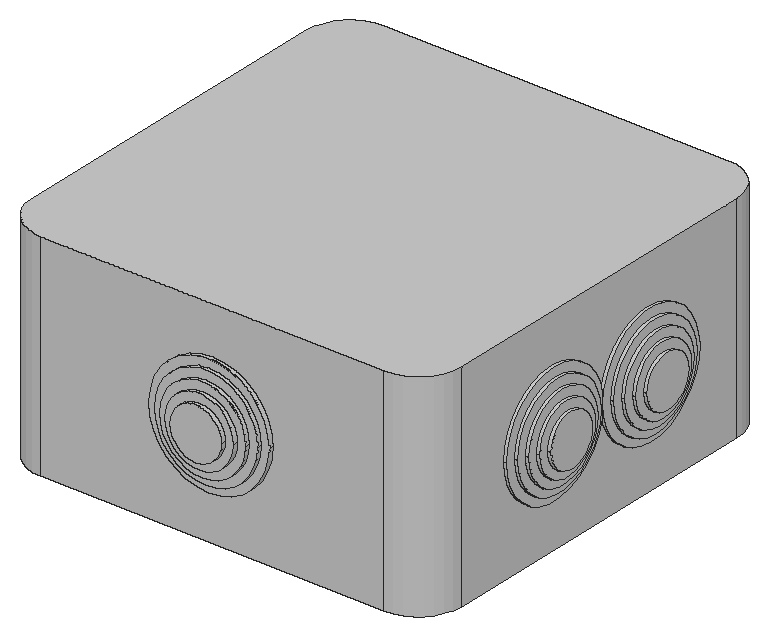
Revit family "FA_КоробкаУравниванияПотенциалов_EZETEK", category Системы пожарной сигнализации, Revit 2017
Family settings
  Сохранять ориентацию аннотаций = Нет
  Размер круглого соединителя = Использовать радиус
  Тип детали = Нормальный
  На основе рабочей плоскости = Нет
  Всегда вертикально = Да
  При загрузке вырезать с полостями = Нет
  Общий = Да
  Точка расчета площади = Нет
Parameters (values of type "КоробкаУравниванияПотенциалов_100х100х50_44458")
  Ширина = 100 mm
  Угол = 90.00°  # constant formula
  Производитель_Контакты = "ezetek@ezetek.ru"  # constant formula
  Description = "Коробка уравнивания потенциалов предназначена для организации дополнительной системы уравнивания потенциалов в квартирах, домах, офисах и производственных помещениях — коробка объединяет защитные проводники электрического оборудования и подключается к ГЗШ. Коробка уравнивания потенциалов выполнена из пластика в герметичном исполнении со степенью защиты IP 55.\r"  # constant formula
  Использовать масштаб аннотаций [instance] = 1 = 0  # 0
  Изготовитель = "Ezetek"  # constant formula
  Группа модели = "Коробки и шины уравнивания потенциалов"  # constant formula
  Высота = 50 mm
  URL = "https://ezetek.ru/"
  ADSK_Этаж [instance] = ""
  ADSK_Примечание [instance] = ""
  ADSK_Позиция [instance] = ""
  ADSK_Обозначение = "44457"
  ADSK_Наименование краткое [instance] = "Коробка уравнивания потенциалов"
  ADSK_Наименование = "Коробка уравнивания потенциалов 13 подключений 100х100х50 мм"
  ADSK_Материал = BIMLIB_Пластик_Серый_EZETEK
  ADSK_Масса_Текст = "0.14"
  ADSK_Масса = 0.14
  ADSK_Марка = "44458"
  ADSK_Количество = 1  # constant formula
  ADSK_Код изделия = "44458"
  ADSK_Завод-изготовитель = "Ezetek"  # constant formula
  ADSK_Единица измерения = "шт."  # constant formula
  ADSK_Группирование [instance] = ""
  ADSK_Версия Revit = "2017"  # constant formula
Types (2, lengths in mm): name | Ширина | Высота | ADSK_Наименование | ADSK_Масса_Текст | ADSK_Масса | ADSK_Марка | ADSK_Код изделия
  КоробкаУравниванияПотенциалов_85х85х40_44457 | 85.099 | 40 | "Коробка уравнивания потенциалов 7 подключений 85х85х40 мм" | "0.10" | 0.1 | "44457" | "44457"
  КоробкаУравниванияПотенциалов_100х100х50_44458 | 100 | 50 | "Коробка уравнивания потенциалов 13 подключений 100х100х50 мм" | "0.14" | 0.14 | "44458" | "44458"
Reference planes
  plane 1 "По центру (Вперед/Назад)": y = 0
  plane 2: z = 0
  plane 3 "По центру (Влево/Вправо)": x = 0
  plane 4: x = -50
  plane 5: x = 50
  plane 6: y = 50
  plane 7: y = -50
  plane 8: z = 50
  plane 9: x = -54.8
  plane 10: x = 54.8
  plane 11: y = 54.8
  plane 12: y = -54.8
  plane 13: z = 25
Forms (mm)
  Extrusion 1, solid, material "BIMLIB_Пластик_Серый_EZETEK" <- "ADSK_Материал", detail levels fine
    sketch origin (0, 0, 0) x (1, 0, 0) y (0, 1, 0)
      loop
        arc (-40, 50) -> (-47.071, 47.071) -> (-50, 40) r 10
        line (-50, 40) -> (-50, -40)
        arc (-50, -40) -> (-47.071, -47.071) -> (-40, -50) r 10
        line (-40, -50) -> (40, -50)
        arc (40, -50) -> (47.071, -47.071) -> (50, -40) r 10
        line (50, -40) -> (50, 40)
        arc (50, 40) -> (47.071, 47.071) -> (40, 50) r 10
        line (40, 50) -> (-40, 50)
    from 50 to 0
  Extrusion 2, solid, material "BIMLIB_Пластик_Серый_EZETEK" <- "ADSK_Материал", detail levels fine
    sketch origin (-7.33, 14, -5) x (0, -1, 0) y (0, 0, -1)
      loop
        circle (0, -30) r 14
    from 57.33 to 58.29
  Extrusion 3, solid, material "BIMLIB_Пластик_Серый_EZETEK" <- "ADSK_Материал", detail levels fine
    sketch origin (0.96, 14, -5) x (0, -1, 0) y (0, 0, -1)
      loop
        circle (0, -30) r 12
    from 50.96 to 50
  Extrusion 4, solid, material "BIMLIB_Пластик_Серый_EZETEK" <- "ADSK_Материал", detail levels fine
    sketch origin (1.96, 14, -5) x (0, -1, 0) y (0, 0, -1)
      loop
        circle (0, -30) r 10
    from 50.92 to 49.96
  Extrusion 5, solid, material "BIMLIB_Пластик_Серый_EZETEK" <- "ADSK_Материал", detail levels fine
    sketch origin (2.96, 14, -5) x (0, -1, 0) y (0, 0, -1)
      loop
        circle (0, -30) r 8
    from 50.88 to 49.92
  Extrusion 6, solid, material "BIMLIB_Пластик_Серый_EZETEK" <- "ADSK_Материал", detail levels fine
    sketch origin (-3.33, 14, -5) x (0, -1, 0) y (0, 0, -1)
      loop
        circle (0, -30) r 6
    from 58.13 to 57.17
  Extrusion 7, solid, material "BIMLIB_Пластик_Серый_EZETEK" <- "ADSK_Материал", detail levels fine
    sketch origin (-7.33, -14, -5) x (0, 1, 0) y (0, 0, 1)
      loop
        circle (0, 30) r 14
    from 57.33 to 58.29
  Extrusion 8, solid, material "BIMLIB_Пластик_Серый_EZETEK" <- "ADSK_Материал", detail levels fine
    sketch origin (0.96, -14, -5) x (0, 1, 0) y (0, 0, 1)
      loop
        circle (0, 30) r 12
    from 50.96 to 50
  Extrusion 9, solid, material "BIMLIB_Пластик_Серый_EZETEK" <- "ADSK_Материал", detail levels fine
    sketch origin (1.96, -14, -5) x (0, 1, 0) y (0, 0, 1)
      loop
        circle (0, 30) r 10
    from 50.92 to 49.96
  Extrusion 10, solid, material "BIMLIB_Пластик_Серый_EZETEK" <- "ADSK_Материал", detail levels fine
    sketch origin (2.96, -14, -5) x (0, 1, 0) y (0, 0, 1)
      loop
        circle (0, 30) r 8
    from 50.88 to 49.92
  Extrusion 11, solid, material "BIMLIB_Пластик_Серый_EZETEK" <- "ADSK_Материал", detail levels fine
    sketch origin (-3.33, -14, -5) x (0, 1, 0) y (0, 0, 1)
      loop
        circle (0, 30) r 6
    from 57.17 to 58.13
  Extrusion 12, solid, material "BIMLIB_Пластик_Серый_EZETEK" <- "ADSK_Материал", detail levels fine
    sketch origin (7.33, 14, -5) x (0, -1, 0) y (0, 0, 1)
      loop
        circle (0, 30) r 14
    from 57.33 to 58.29
  Extrusion 13, solid, material "BIMLIB_Пластик_Серый_EZETEK" <- "ADSK_Материал", detail levels fine
    sketch origin (-0.96, 14, -5) x (0, -1, 0) y (0, 0, 1)
      loop
        circle (0, 30) r 12
    from 50.96 to 50
  Extrusion 14, solid, material "BIMLIB_Пластик_Серый_EZETEK" <- "ADSK_Материал", detail levels fine
    sketch origin (-1.96, 14, -5) x (0, -1, 0) y (0, 0, 1)
      loop
        circle (0, 30) r 10
    from 50.92 to 49.96
  Extrusion 15, solid, material "BIMLIB_Пластик_Серый_EZETEK" <- "ADSK_Материал", detail levels fine
    sketch origin (-2.96, 14, -5) x (0, -1, 0) y (0, 0, 1)
      loop
        circle (0, 30) r 8
    from 50.88 to 49.92
  Extrusion 16, solid, material "BIMLIB_Пластик_Серый_EZETEK" <- "ADSK_Материал", detail levels fine
    sketch origin (3.33, 14, -5) x (0, -1, 0) y (0, 0, 1)
      loop
        circle (0, 30) r 6
    from 58.13 to 57.17
  Extrusion 17, solid, material "BIMLIB_Пластик_Серый_EZETEK" <- "ADSK_Материал", detail levels fine
    sketch origin (7.33, -14, -5) x (0, 1, 0) y (0, 0, -1)
      loop
        circle (0, -30) r 14
    from 57.33 to 58.29
  Extrusion 18, solid, material "BIMLIB_Пластик_Серый_EZETEK" <- "ADSK_Материал", detail levels fine
    sketch origin (-0.96, -14, -5) x (0, 1, 0) y (0, 0, -1)
      loop
        circle (0, -30) r 12
    from 50.96 to 50
  Extrusion 19, solid, material "BIMLIB_Пластик_Серый_EZETEK" <- "ADSK_Материал", detail levels fine
    sketch origin (-1.96, -14, -5) x (0, 1, 0) y (0, 0, -1)
      loop
        circle (0, -30) r 10
    from 50.92 to 49.96
  Extrusion 20, solid, material "BIMLIB_Пластик_Серый_EZETEK" <- "ADSK_Материал", detail levels fine
    sketch origin (-2.96, -14, -5) x (0, 1, 0) y (0, 0, -1)
      loop
        circle (0, -30) r 8
    from 50.88 to 49.92
  Extrusion 21, solid, material "BIMLIB_Пластик_Серый_EZETEK" <- "ADSK_Материал", detail levels fine
    sketch origin (3.33, -14, -5) x (0, 1, 0) y (0, 0, -1)
      loop
        circle (0, -30) r 6
    from 58.13 to 57.17
  Extrusion 22, solid, material "BIMLIB_Пластик_Серый_EZETEK" <- "ADSK_Материал", detail levels fine
    sketch origin (0, 7.33, -5) x (-1, 0, 0) y (0, 0, -1)
      loop
        circle (0, -30) r 14
    from 57.33 to 58.29
  Extrusion 23, solid, material "BIMLIB_Пластик_Серый_EZETEK" <- "ADSK_Материал", detail levels fine
    sketch origin (0, -0.96, -5) x (-1, 0, 0) y (0, 0, -1)
      loop
        circle (0, -30) r 12
    from 50.96 to 50
  Extrusion 24, solid, material "BIMLIB_Пластик_Серый_EZETEK" <- "ADSK_Материал", detail levels fine
    sketch origin (0, -1.96, -5) x (-1, 0, 0) y (0, 0, -1)
      loop
        circle (0, -30) r 10
    from 50.92 to 49.96
  Extrusion 25, solid, material "BIMLIB_Пластик_Серый_EZETEK" <- "ADSK_Материал", detail levels fine
    sketch origin (0, -2.96, -5) x (-1, 0, 0) y (0, 0, -1)
      loop
        circle (0, -30) r 8
    from 50.88 to 49.92
  Extrusion 26, solid, material "BIMLIB_Пластик_Серый_EZETEK" <- "ADSK_Материал", detail levels fine
    sketch origin (0, 3.33, -5) x (-1, 0, 0) y (0, 0, -1)
      loop
        circle (0, -30) r 6
    from 58.13 to 57.17
  Extrusion 27, solid, material "BIMLIB_Пластик_Серый_EZETEK" <- "ADSK_Материал", detail levels fine
    sketch origin (0, -7.33, -5) x (-1, 0, 0) y (0, 0, 1)
      loop
        circle (0, 30) r 14
    from 57.33 to 58.29
  Extrusion 28, solid, material "BIMLIB_Пластик_Серый_EZETEK" <- "ADSK_Материал", detail levels fine
    sketch origin (0, 0.96, -5) x (-1, 0, 0) y (0, 0, 1)
      loop
        circle (0, 30) r 12
    from 50.96 to 50
  Extrusion 29, solid, material "BIMLIB_Пластик_Серый_EZETEK" <- "ADSK_Материал", detail levels fine
    sketch origin (0, 1.96, -5) x (-1, 0, 0) y (0, 0, 1)
      loop
        circle (0, 30) r 10
    from 50.92 to 49.96
  Extrusion 30, solid, material "BIMLIB_Пластик_Серый_EZETEK" <- "ADSK_Материал", detail levels fine
    sketch origin (0, 2.96, -5) x (-1, 0, 0) y (0, 0, 1)
      loop
        circle (0, 30) r 8
    from 50.88 to 49.92
  Extrusion 31, solid, material "BIMLIB_Пластик_Серый_EZETEK" <- "ADSK_Материал", detail levels fine
    sketch origin (0, -3.33, -5) x (-1, 0, 0) y (0, 0, 1)
      loop
        circle (0, 30) r 6
    from 57.17 to 58.13
Dimensions and locks
  equal spacing: plane 4, plane 3 "По центру (Влево/Вправо)", plane 5
  "Ширина": plane 4 to plane 5
  equal spacing: plane 6, plane 1 "По центру (Вперед/Назад)", plane 7
  "Ширина": plane 6 to plane 7
  "Высота": plane 8 to plane 2
  locked: plane 9 to plane 4 at 4.8
  locked: plane 5 to plane 10 at 4.8
  locked: plane 11 to plane 6 at 4.8
  locked: plane 12 to plane 7 at 4.8
  plane 9 to plane 10 = 109.6 mm
  plane 11 to plane 12 = 109.6 mm
  equal spacing: plane 8, plane 13, plane 2
  plane 5 to plane 10 = 4.8 mm
  plane 9 to plane 4 = 4.8 mm
  equal spacing: plane 5, Extrusion 2, Extrusion 3, Extrusion 4, Extrusion 5, plane 10
  equal spacing: plane 9, Extrusion 15, Extrusion 14, Extrusion 13, Extrusion 12, plane 4
  equal spacing: plane 12, Extrusion 25, Extrusion 24, Extrusion 23, Extrusion 22, plane 7
  equal spacing: plane 11, Extrusion 30, Extrusion 29, Extrusion 28, Extrusion 27, plane 6
  aligned and locked: level to plane 2
  aligned and locked: Extrusion 1 sketch curve to plane 6
  aligned and locked: plane 4 to Extrusion 1 sketch curve
  aligned and locked: Extrusion 1 sketch curve to plane 7
  aligned and locked: plane 5 to Extrusion 1 sketch curve
  aligned and locked: Extrusion 1 to plane 8
  aligned and locked: Extrusion 1 to plane 2
  aligned and locked: Extrusion 1 to plane 5
  aligned and locked: Extrusion 5 to Extrusion 6
  aligned and locked: Extrusion 4 to Extrusion 5
  aligned and locked: Extrusion 3 to Extrusion 4
  aligned and locked: Extrusion 2 to Extrusion 3
  aligned and locked: plane 13 to Extrusion 2
  aligned and locked: plane 13 to Extrusion 3
  aligned and locked: plane 13 to Extrusion 4
  aligned and locked: plane 13 to Extrusion 5
  aligned and locked: plane 13 to Extrusion 6
  aligned and locked: plane 5 to Extrusion 2
  aligned and locked: Extrusion 6 to plane 10
  aligned and locked: Extrusion 10 to Extrusion 9
  aligned and locked: Extrusion 9 to Extrusion 8
  aligned and locked: Extrusion 8 to Extrusion 7
  aligned and locked: plane 13 to Extrusion 7
  aligned and locked: plane 13 to Extrusion 8
  aligned and locked: plane 13 to Extrusion 9
  aligned and locked: plane 13 to Extrusion 10
  aligned and locked: plane 13 to Extrusion 11
  aligned and locked: Extrusion 10 to Extrusion 5
  aligned and locked: Extrusion 9 to Extrusion 4
  aligned and locked: Extrusion 8 to Extrusion 3
  aligned and locked: Extrusion 7 to Extrusion 2
  aligned and locked: Extrusion 16 to Extrusion 15
  aligned and locked: Extrusion 15 to Extrusion 14
  aligned and locked: Extrusion 14 to Extrusion 13
  aligned and locked: Extrusion 13 to Extrusion 12
  aligned and locked: Extrusion 20 to Extrusion 21
  aligned and locked: Extrusion 19 to Extrusion 20
  aligned and locked: Extrusion 18 to Extrusion 19
  aligned and locked: Extrusion 17 to Extrusion 18
  aligned and locked: Extrusion 20 to Extrusion 15  (x2)
  aligned and locked: Extrusion 19 to Extrusion 14  (x2)
  aligned and locked: Extrusion 18 to Extrusion 13
  aligned and locked: Extrusion 17 to Extrusion 12
  aligned and locked: plane 4 to Extrusion 12
  aligned and locked: Extrusion 16 to plane 9
  aligned and locked: Extrusion 17 to Extrusion 13
  aligned and locked: Extrusion 19 to Extrusion 13
  aligned and locked: plane 9 to Extrusion 16
  aligned and locked: Extrusion 21 to plane 9
  aligned and locked: plane 13 to Extrusion 17  (x2)
  aligned and locked: plane 13 to Extrusion 18  (x2)
  aligned and locked: plane 13 to Extrusion 19  (x2)
  aligned and locked: plane 13 to Extrusion 20  (x2)
  aligned and locked: plane 13 to Extrusion 21  (x2)
  aligned and locked: plane 13 to Extrusion 12  (x2)
  aligned and locked: plane 13 to Extrusion 13  (x2)
  aligned and locked: plane 13 to Extrusion 14  (x2)
  aligned and locked: plane 13 to Extrusion 15  (x2)
  aligned and locked: plane 13 to Extrusion 16  (x2)
  aligned and locked: Extrusion 26 to Extrusion 25
  aligned and locked: Extrusion 25 to Extrusion 24
  aligned and locked: Extrusion 24 to Extrusion 23
  aligned and locked: Extrusion 23 to Extrusion 22
  aligned and locked: Extrusion 22 to plane 7
  aligned and locked: plane 12 to Extrusion 26
  aligned and locked: plane 13 to Extrusion 22  (x2)
  aligned and locked: plane 13 to Extrusion 23  (x2)
  aligned and locked: plane 13 to Extrusion 24  (x2)
  aligned and locked: plane 13 to Extrusion 25  (x2)
  aligned and locked: plane 13 to Extrusion 26  (x2)
  aligned and locked: Extrusion 29 to Extrusion 30
  aligned and locked: Extrusion 28 to Extrusion 29
  aligned and locked: Extrusion 27 to Extrusion 28
  aligned and locked: plane 13 to Extrusion 27
  aligned and locked: plane 13 to Extrusion 28
  aligned and locked: plane 13 to Extrusion 29
  aligned and locked: plane 13 to Extrusion 30
  aligned and locked: plane 13 to Extrusion 31
  aligned and locked: Extrusion 5 to Extrusion 11
  aligned and locked: Extrusion 11 to plane 10
  aligned and locked: plane 5 to Extrusion 7
  aligned and locked: plane 4 to Extrusion 17
  aligned and locked: Extrusion 27 to plane 6
  aligned and locked: plane 11 to Extrusion 31
  aligned and locked: Extrusion 31 to Extrusion 30
Automatic sketch dimensions
  plane 4 to Extrusion 1 sketch curve = 10 mm
  Extrusion 1 sketch curve to Extrusion 1 sketch curve = 10 mm  (x2)
  plane 5 to Extrusion 1 sketch curve = 10 mm
  plane 13 to Extrusion 2 sketch curve = 0 mm
  Extrusion 2 sketch curve to plane 1 "По центру (Вперед/Назад)" = 14 mm
  plane 13 to Extrusion 3 sketch curve = 0 mm
  Extrusion 3 sketch curve to plane 1 "По центру (Вперед/Назад)" = 14 mm
  plane 13 to Extrusion 4 sketch curve = 0 mm
  Extrusion 4 sketch curve to plane 1 "По центру (Вперед/Назад)" = 14 mm
  plane 13 to Extrusion 5 sketch curve = 0 mm
  Extrusion 5 sketch curve to plane 1 "По центру (Вперед/Назад)" = 14 mm
  plane 13 to Extrusion 6 sketch curve = 0 mm
  Extrusion 6 sketch curve to plane 1 "По центру (Вперед/Назад)" = 14 mm
  plane 13 to Extrusion 7 sketch curve = 0 mm
  plane 1 "По центру (Вперед/Назад)" to Extrusion 7 sketch curve = 14 mm
  plane 13 to Extrusion 8 sketch curve = 0 mm
  plane 1 "По центру (Вперед/Назад)" to Extrusion 8 sketch curve = 14 mm
  plane 13 to Extrusion 9 sketch curve = 0 mm
  plane 1 "По центру (Вперед/Назад)" to Extrusion 9 sketch curve = 14 mm
  plane 13 to Extrusion 10 sketch curve = 0 mm
  plane 1 "По центру (Вперед/Назад)" to Extrusion 10 sketch curve = 14 mm
  plane 13 to Extrusion 11 sketch curve = 0 mm
  plane 1 "По центру (Вперед/Назад)" to Extrusion 11 sketch curve = 14 mm
  plane 13 to Extrusion 12 sketch curve = 0 mm
  Extrusion 12 sketch curve to plane 1 "По центру (Вперед/Назад)" = 14 mm
  plane 13 to Extrusion 13 sketch curve = 0 mm
  Extrusion 13 sketch curve to plane 1 "По центру (Вперед/Назад)" = 14 mm
  plane 13 to Extrusion 14 sketch curve = 0 mm
  Extrusion 14 sketch curve to plane 1 "По центру (Вперед/Назад)" = 14 mm
  plane 13 to Extrusion 15 sketch curve = 0 mm
  Extrusion 15 sketch curve to plane 1 "По центру (Вперед/Назад)" = 14 mm
  plane 13 to Extrusion 16 sketch curve = 0 mm
  Extrusion 16 sketch curve to plane 1 "По центру (Вперед/Назад)" = 14 mm
  plane 13 to Extrusion 17 sketch curve = 0 mm
  plane 1 "По центру (Вперед/Назад)" to Extrusion 17 sketch curve = 14 mm
  plane 13 to Extrusion 18 sketch curve = 0 mm
  plane 1 "По центру (Вперед/Назад)" to Extrusion 18 sketch curve = 14 mm
  plane 13 to Extrusion 19 sketch curve = 0 mm
  plane 1 "По центру (Вперед/Назад)" to Extrusion 19 sketch curve = 14 mm
  plane 13 to Extrusion 20 sketch curve = 0 mm
  plane 1 "По центру (Вперед/Назад)" to Extrusion 20 sketch curve = 14 mm
  plane 13 to Extrusion 21 sketch curve = 0 mm
  plane 1 "По центру (Вперед/Назад)" to Extrusion 21 sketch curve = 14 mm
  Extrusion 22 sketch curve to plane 3 "По центру (Влево/Вправо)" = 0 mm
  Extrusion 22 sketch curve to plane 13 = 0 mm
  Extrusion 23 sketch curve to plane 3 "По центру (Влево/Вправо)" = 0 mm
  Extrusion 23 sketch curve to plane 13 = 0 mm
  Extrusion 24 sketch curve to plane 3 "По центру (Влево/Вправо)" = 0 mm
  Extrusion 24 sketch curve to plane 13 = 0 mm
  Extrusion 25 sketch curve to plane 3 "По центру (Влево/Вправо)" = 0 mm
  Extrusion 25 sketch curve to plane 13 = 0 mm
  Extrusion 26 sketch curve to plane 3 "По центру (Влево/Вправо)" = 0 mm
  Extrusion 26 sketch curve to plane 13 = 0 mm
  Extrusion 27 sketch curve to plane 3 "По центру (Влево/Вправо)" = 0 mm
  Extrusion 27 sketch curve to plane 13 = 0 mm
  Extrusion 28 sketch curve to plane 3 "По центру (Влево/Вправо)" = 0 mm
  Extrusion 28 sketch curve to plane 13 = 0 mm
  Extrusion 29 sketch curve to plane 3 "По центру (Влево/Вправо)" = 0 mm
  Extrusion 29 sketch curve to plane 13 = 0 mm
  Extrusion 30 sketch curve to plane 3 "По центру (Влево/Вправо)" = 0 mm
  Extrusion 30 sketch curve to plane 13 = 0 mm
  Extrusion 31 sketch curve to plane 3 "По центру (Влево/Вправо)" = 0 mm
  Extrusion 31 sketch curve to plane 13 = 0 mm
  radius of Extrusion 2 sketch curve = 14 mm
  radius of Extrusion 3 sketch curve = 12 mm
  radius of Extrusion 4 sketch curve = 10 mm
  radius of Extrusion 5 sketch curve = 8 mm
  radius of Extrusion 6 sketch curve = 6 mm
  radius of Extrusion 7 sketch curve = 14 mm
  radius of Extrusion 8 sketch curve = 12 mm
  radius of Extrusion 9 sketch curve = 10 mm
  radius of Extrusion 10 sketch curve = 8 mm
  radius of Extrusion 11 sketch curve = 6 mm
  radius of Extrusion 12 sketch curve = 14 mm
  radius of Extrusion 13 sketch curve = 12 mm
  radius of Extrusion 14 sketch curve = 10 mm
  radius of Extrusion 15 sketch curve = 8 mm
  radius of Extrusion 16 sketch curve = 6 mm
  radius of Extrusion 17 sketch curve = 14 mm
  radius of Extrusion 18 sketch curve = 12 mm
  radius of Extrusion 19 sketch curve = 10 mm
  radius of Extrusion 20 sketch curve = 8 mm
  radius of Extrusion 21 sketch curve = 6 mm
  radius of Extrusion 22 sketch curve = 14 mm
  radius of Extrusion 23 sketch curve = 12 mm
  radius of Extrusion 24 sketch curve = 10 mm
  radius of Extrusion 25 sketch curve = 8 mm
  radius of Extrusion 26 sketch curve = 6 mm
  radius of Extrusion 27 sketch curve = 14 mm
  radius of Extrusion 28 sketch curve = 12 mm
  radius of Extrusion 29 sketch curve = 10 mm
  radius of Extrusion 30 sketch curve = 8 mm
  radius of Extrusion 31 sketch curve = 6 mm
